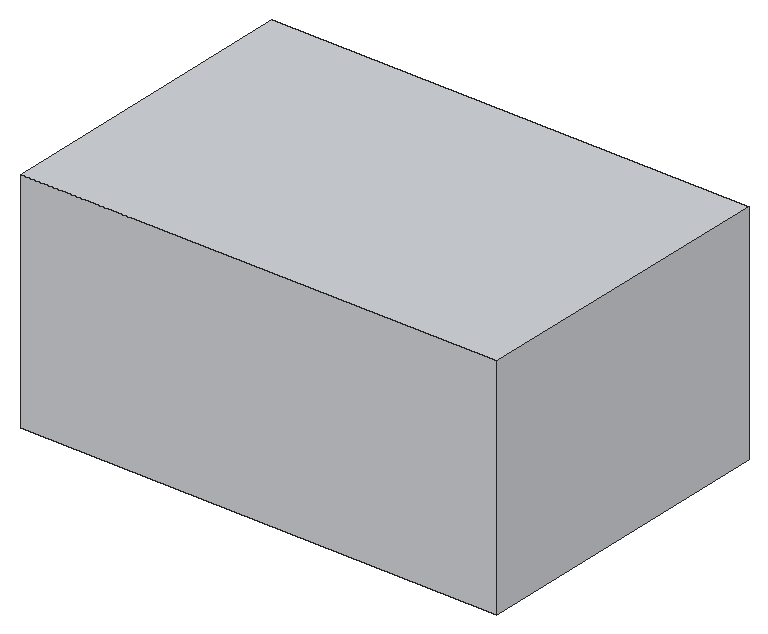
Revit family "Cube 1mX1m", category Generic Models, Revit 2024
Family settings
  Can host rebar = No
  Round Connector Dimension = Use Diameter
  Part Type = Normal
  Work Plane-Based = No
  Always vertical = Yes
  Cut with Voids When Loaded = No
  Maintain Annotation Orientation = No
  Shared = No
  Room Calculation Point = No
Parameters
  Default Elevation = 0 mm
Reference planes
  plane 1 "Center (Front/Back)": y = 0
  plane 2: z = 0
  plane 3 "Center (Left/Right)": x = 0
Forms (mm)
  Extrusion 1, solid
    sketch origin (0, 0, 0) x (1, 0, 0) y (0, 1, 0)
      loop
        line (0, 0) -> (1180, 0) -> (1180, 780) -> (0, 780) -> (0, 0)
    from 0 to 562.862
Dimensions and locks
  aligned and locked: level to plane 2
